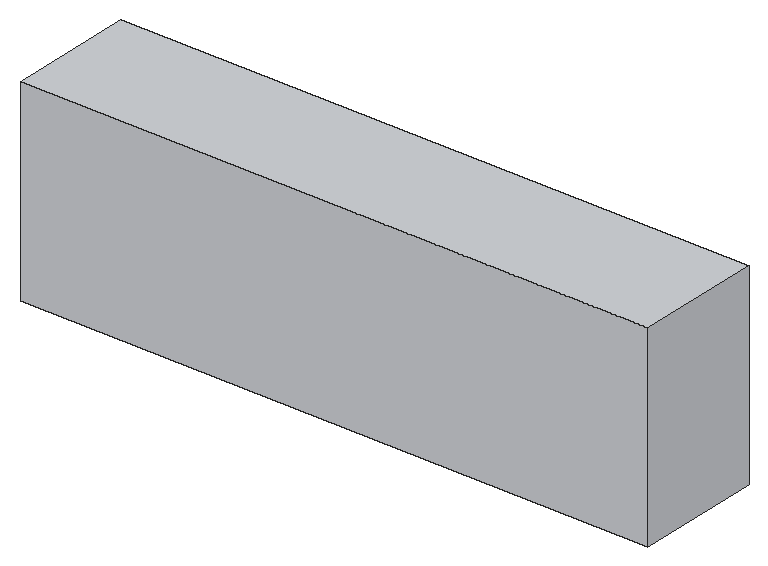
Revit family "Routing Rack Guide2020", category 一般モデル, Revit 2020
Family settings
  鉄筋をホスト可能 = いいえ
  丸型コネクタ寸法 = 直径を使用
  パーツ タイプ = 標準
  作業面ベース = いいえ
  常に垂直 = はい
  ロード時にボイドで切り取り = いいえ
  共有 = いいえ
  部屋計算ポイント = いいえ
Parameters
  高さ [instance] = 1250 mm
  既定の高さ = 2800 mm
  幅 [instance] = 4000 mm
  奥行き [instance] = 800 mm
  material = Rack
  Arent-Height [instance] = 高さ  # 1250 mm
  Arent-Offset [instance] = 2800 mm
  Arent-Width [instance] = 幅  # 4000 mm
  Arent-Length [instance] = 奥行き  # 800 mm
Reference planes
  plane 1 "中心(正面/背面)": y = 0
  plane 2: z = 0
  plane 3 "中心(左/右)": x = 0
  plane 4: x = -2000
  plane 5: x = 2000
  plane 6: y = 400
  plane 7: y = -400
  plane 8: z = 2800
  plane 9: z = 4050
Forms (mm)
  Extrusion 1, solid
    sketch origin (0, 0, 0) x (1, 0, 0) y (0, 1, 0)
      loop
        line (-2000, 400) -> (-2000, -400) -> (2000, -400) -> (2000, 400) -> (-2000, 400)
    from 2800 to 4050
Dimensions and locks
  "奥行き": plane 6 to plane 7
  equal spacing: plane 4, plane 3 "中心(左/右)", plane 5
  "幅": plane 4 to plane 5
  equal spacing: plane 6, plane 1 "中心(正面/背面)", plane 7
  "高さ": plane 8 to plane 9
  "Arent-Offset": level to plane 8
  aligned and locked: level to plane 2
  aligned and locked: Extrusion 1 to plane 6
  aligned and locked: Extrusion 1 to plane 4
  aligned and locked: Extrusion 1 to plane 7
  aligned and locked: Extrusion 1 to plane 9
  aligned and locked: Extrusion 1 to plane 8
Automatic sketch dimensions
  Extrusion 1 sketch curve to plane 4 = 0 mm
  plane 5 to Extrusion 1 sketch curve = 0 mm
  Extrusion 1 sketch curve to plane 7 = 0 mm
  plane 6 to Extrusion 1 sketch curve = 0 mm
